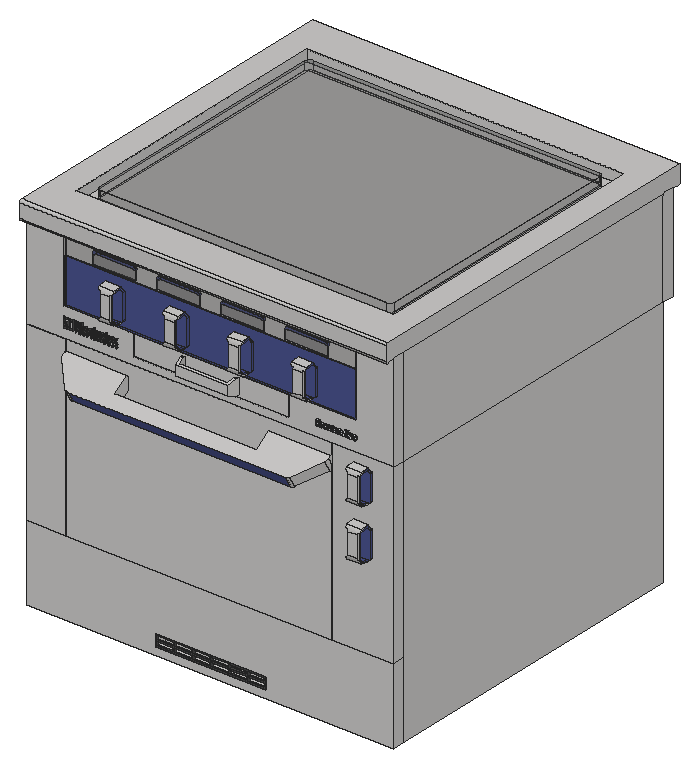
Revit family "QF_ELECTROLUXPROFESSIONAL_588420_MALMFAH8AO", category Attrezzature speciali, Revit 2020 (continued)
Definition of nested family "Front_Panel_W800_Four Knobs"
  Definition of nested family "ELX_Professional_Logo_Small"
    Forms (mm)
      Extrusion 2, solid, material <- "Material_Logo"
        sketch origin (15.5, 0, 0) x (1, 0, 0) y (0, 1, 0)
          loop
            spline (-26.936, -1.713) -> (-27.384, -1.691) -> (-27.805, -1.625) -> (-28.196, -1.518) -> (-28.556, -1.372) -> (-28.882, -1.187) -> (-29.174, -0.966) -> (-29.429, -0.71) -> (-29.645, -0.422) -> (-29.821, -0.102) -> (-29.955, 0.247) -> (-30.045, 0.623) -> (-30.089, 1.026)
            line (-30.089, 1.026) -> (-21.956, 1.026) -> (-21.915, 1.897)
          loop
            spline (-24.446, 2.769) -> (-24.47, 3.075) -> (-24.54, 3.37) -> (-24.654, 3.65) -> (-24.807, 3.913) -> (-24.996, 4.156) -> (-25.219, 4.376) -> (-25.472, 4.57) -> (-25.753, 4.736) -> (-26.057, 4.869) -> (-26.382, 4.968) -> (-26.724, 5.03) -> (-27.081, 5.051)
            spline (-27.081, 5.051) -> (-27.464, 5.03) -> (-27.832, 4.97) -> (-28.183, 4.872) -> (-28.513, 4.74) -> (-28.819, 4.577) -> (-29.099, 4.384) -> (-29.347, 4.165) -> (-29.563, 3.923) -> (-29.742, 3.659) -> (-29.881, 3.377) -> (-29.977, 3.079) -> (-30.027, 2.769)
            line (-30.027, 2.769) -> (-24.446, 2.769)
          loop
            spline (-18.167, 1.669) -> (-18.138, 2.13) -> (-18.055, 2.567) -> (-17.921, 2.978) -> (-17.739, 3.358) -> (-17.512, 3.705) -> (-17.243, 4.016) -> (-16.937, 4.287) -> (-16.596, 4.517) -> (-16.223, 4.7) -> (-15.823, 4.835) -> (-15.398, 4.919) -> (-14.951, 4.947)
            spline (-14.951, 4.947) -> (-14.677, 4.938) -> (-14.414, 4.913) -> (-14.162, 4.871) -> (-13.921, 4.812) -> (-13.69, 4.738) -> (-13.467, 4.649) -> (-13.254, 4.544) -> (-13.048, 4.424) -> (-12.85, 4.291) -> (-12.659, 4.143) -> (-12.474, 3.981) -> (-12.295, 3.806)
            line (-12.295, 3.806) -> (-10.76, 5.403)
            spline (-10.76, 5.403) -> (-11.065, 5.709) -> (-11.38, 5.984) -> (-11.703, 6.228) -> (-12.035, 6.443) -> (-12.375, 6.63) -> (-12.723, 6.788) -> (-13.078, 6.92) -> (-13.44, 7.026) -> (-13.809, 7.107) -> (-14.184, 7.164) -> (-14.564, 7.198) -> (-14.951, 7.209)
            spline (-14.951, 7.209) -> (-15.725, 7.161) -> (-16.467, 7.02) -> (-17.169, 6.792) -> (-17.826, 6.482) -> (-18.43, 6.096) -> (-18.976, 5.637) -> (-19.455, 5.112) -> (-19.862, 4.525) -> (-20.19, 3.882) -> (-20.433, 3.189) -> (-20.584, 2.449) -> (-20.635, 1.669)
            spline (-20.635, 1.669) -> (-20.584, 0.889) -> (-20.433, 0.149) -> (-20.19, -0.545) -> (-19.862, -1.187) -> (-19.455, -1.774) -> (-18.976, -2.299) -> (-18.43, -2.758) -> (-17.826, -3.145) -> (-17.169, -3.454) -> (-16.467, -3.682) -> (-15.725, -3.823) -> (-14.951, -3.871)
            spline (-14.951, -3.871) -> (-14.564, -3.86) -> (-14.184, -3.826) -> (-13.809, -3.77) -> (-13.44, -3.689) -> (-13.078, -3.583) -> (-12.723, -3.451) -> (-12.375, -3.292) -> (-12.035, -3.105) -> (-11.703, -2.89) -> (-11.38, -2.646) -> (-11.065, -2.371) -> (-10.76, -2.066)
            line (-10.76, -2.066) -> (-12.295, -0.468)
            spline (-12.295, -0.468) -> (-12.474, -0.643) -> (-12.659, -0.805) -> (-12.85, -0.953) -> (-13.048, -1.087) -> (-13.254, -1.206) -> (-13.467, -1.311) -> (-13.69, -1.4) -> (-13.921, -1.475) -> (-14.162, -1.533) -> (-14.414, -1.575) -> (-14.677, -1.6) -> (-14.951, -1.609)
            spline (-14.951, -1.609) -> (-15.398, -1.581) -> (-15.823, -1.497) -> (-16.223, -1.362) -> (-16.596, -1.179) -> (-16.937, -0.95) -> (-17.243, -0.678) -> (-17.512, -0.367) -> (-17.739, -0.02) -> (-17.921, 0.36) -> (-18.055, 0.771) -> (-18.138, 1.208) -> (-18.167, 1.669)
          loop
            spline (-4.441, -1.243) -> (-4.659, -1.247) -> (-4.894, -1.23) -> (-5.137, -1.19) -> (-5.384, -1.121) -> (-5.628, -1.021) -> (-5.864, -0.884) -> (-6.084, -0.708) -> (-6.283, -0.488) -> (-6.454, -0.219) -> (-6.592, 0.101) -> (-6.69, 0.478) -> (-6.742, 0.914)
            line (-6.742, 0.914) -> (-6.742, 4.587) -> (-4.487, 4.587) -> (-4.487, 6.838) -> (-6.738, 6.838) -> (-6.738, 10.824) -> (-9.217, 10.824) -> (-9.217, 0.773)
            spline (-9.217, 0.773) -> (-9.164, 0.19) -> (-9.068, -0.358) -> (-8.928, -0.87) -> (-8.742, -1.343) -> (-8.511, -1.777) -> (-8.232, -2.168) -> (-7.904, -2.515) -> (-7.527, -2.816) -> (-7.098, -3.069) -> (-6.618, -3.273) -> (-6.084, -3.426) -> (-5.496, -3.525)
            line (-5.496, -3.525) -> (-4.45, -3.573) -> (-4.441, -1.243)
          loop
            spline (3.898, 6.983) -> (3.469, 7.009) -> (3.056, 7.001) -> (2.661, 6.961) -> (2.283, 6.888) -> (1.925, 6.785) -> (1.588, 6.652) -> (1.272, 6.49) -> (0.979, 6.301) -> (0.71, 6.085) -> (0.465, 5.844) -> (0.247, 5.578) -> (0.056, 5.289)
            line (0.056, 5.289) -> (0.056, 6.838) -> (-2.402, 6.838) -> (-2.402, -3.572) -> (0.056, -3.572) -> (0.056, 1.901)
            spline (0.056, 1.901) -> (0.079, 2.316) -> (0.145, 2.703) -> (0.254, 3.06) -> (0.404, 3.386) -> (0.592, 3.679) -> (0.818, 3.938) -> (1.08, 4.162) -> (1.375, 4.348) -> (1.703, 4.495) -> (2.062, 4.602) -> (2.45, 4.668) -> (2.865, 4.69)
            line (2.865, 4.69) -> (3.898, 4.586) -> (3.898, 6.983)
          loop
            spline (15.638, 1.633) -> (15.586, 2.396) -> (15.435, 3.124) -> (15.192, 3.81) -> (14.863, 4.449) -> (14.455, 5.034) -> (13.975, 5.56) -> (13.43, 6.021) -> (12.826, 6.411) -> (12.17, 6.724) -> (11.469, 6.955) -> (10.729, 7.098) -> (9.958, 7.147)
            spline (9.958, 7.147) -> (9.182, 7.098) -> (8.44, 6.955) -> (7.737, 6.724) -> (7.081, 6.411) -> (6.477, 6.021) -> (5.933, 5.56) -> (5.454, 5.034) -> (5.048, 4.449) -> (4.721, 3.81) -> (4.479, 3.124) -> (4.329, 2.396) -> (4.277, 1.633)
            spline (4.277, 1.633) -> (4.329, 0.869) -> (4.479, 0.141) -> (4.721, -0.544) -> (5.048, -1.183) -> (5.454, -1.768) -> (5.933, -2.294) -> (6.477, -2.755) -> (7.081, -3.145) -> (7.737, -3.459) -> (8.44, -3.69) -> (9.182, -3.833) -> (9.958, -3.882)
            spline (9.958, -3.882) -> (10.729, -3.833) -> (11.469, -3.69) -> (12.17, -3.459) -> (12.826, -3.145) -> (13.43, -2.755) -> (13.975, -2.294) -> (14.455, -1.768) -> (14.863, -1.183) -> (15.192, -0.544) -> (15.435, 0.141) -> (15.586, 0.869) -> (15.638, 1.633)
          loop
            spline (13.18, 1.633) -> (13.151, 2.083) -> (13.067, 2.513) -> (12.932, 2.918) -> (12.748, 3.296) -> (12.52, 3.642) -> (12.251, 3.954) -> (11.943, 4.227) -> (11.601, 4.459) -> (11.228, 4.645) -> (10.828, 4.782) -> (10.403, 4.867) -> (9.958, 4.896)
            spline (9.958, 4.896) -> (9.509, 4.867) -> (9.081, 4.782) -> (8.679, 4.645) -> (8.306, 4.459) -> (7.964, 4.227) -> (7.658, 3.954) -> (7.39, 3.642) -> (7.163, 3.296) -> (6.981, 2.918) -> (6.847, 2.513) -> (6.765, 2.083) -> (6.736, 1.633)
            spline (6.736, 1.633) -> (6.765, 1.182) -> (6.847, 0.753) -> (6.981, 0.347) -> (7.163, -0.031) -> (7.39, -0.377) -> (7.658, -0.689) -> (7.964, -0.962) -> (8.306, -1.193) -> (8.679, -1.38) -> (9.081, -1.517) -> (9.509, -1.602) -> (9.958, -1.631)
            spline (9.958, -1.631) -> (10.403, -1.602) -> (10.828, -1.517) -> (11.228, -1.38) -> (11.601, -1.193) -> (11.943, -0.962) -> (12.251, -0.689) -> (12.52, -0.377) -> (12.748, -0.031) -> (12.932, 0.347) -> (13.067, 0.753) -> (13.151, 1.182) -> (13.18, 1.633)
          loop
            line (17.162, 4.269) -> (17.162, -3.573) -> (19.642, -3.573) -> (19.642, 10.824) -> (17.162, 10.824) -> (17.162, 4.269)
          loop
            line (28.581, 6.838) -> (28.581, 0.786)
            spline (28.581, 0.786) -> (28.561, 0.393) -> (28.503, 0.038) -> (28.409, -0.279) -> (28.281, -0.559) -> (28.122, -0.802) -> (27.933, -1.011) -> (27.717, -1.185) -> (27.476, -1.325) -> (27.213, -1.433) -> (26.929, -1.509) -> (26.626, -1.554) -> (26.308, -1.569)
            spline (26.308, -1.569) -> (25.99, -1.554) -> (25.688, -1.509) -> (25.404, -1.434) -> (25.141, -1.326) -> (24.9, -1.187) -> (24.684, -1.014) -> (24.496, -0.807) -> (24.336, -0.565) -> (24.209, -0.288) -> (24.115, 0.026) -> (24.057, 0.376) -> (24.037, 0.765)
            line (24.037, 0.765) -> (24.037, 6.838) -> (21.537, 6.838) -> (21.537, 0.558)
            spline (21.537, 0.558) -> (21.581, -0.153) -> (21.71, -0.8) -> (21.916, -1.384) -> (22.195, -1.904) -> (22.54, -2.362) -> (22.944, -2.757) -> (23.403, -3.09) -> (23.909, -3.362) -> (24.456, -3.572) -> (25.04, -3.722) -> (25.652, -3.811) -> (26.288, -3.841)
            spline (26.288, -3.841) -> (26.929, -3.811) -> (27.547, -3.72) -> (28.135, -3.568) -> (28.687, -3.355) -> (29.197, -3.079) -> (29.66, -2.741) -> (30.068, -2.341) -> (30.415, -1.877) -> (30.696, -1.349) -> (30.905, -0.757) -> (31.034, -0.101) -> (31.079, 0.621)
            line (31.079, 0.621) -> (31.079, 6.838) -> (28.581, 6.838)
          loop
            line (40.457, -0.243) -> (38.894, 1.942) -> (40.83, 4.579) -> (42.488, 6.837) -> (39.782, 6.837) -> (37.53, 3.719) -> (35.258, 6.837) -> (32.573, 6.837) -> (34.113, 4.731) -> (36.167, 1.922) -> (34.014, -1.076) -> (32.222, -3.573) -> (34.887, -3.573) -> (37.53, 0.104) -> (40.174, -3.573) -> (42.839, -3.573) -> (40.457, -0.243)
          loop
            line (-46.121, -5.837) -> (-48.039, -5.837) -> (-48.039, -10.814) -> (-47.016, -10.814) -> (-47.016, -9.128) -> (-46.121, -9.128)
            arc (-46.121, -9.128) -> (-44.476, -7.482) -> (-46.121, -5.837) r 1.645
          loop
            line (-46.163, -6.778) -> (-47.016, -6.778) -> (-47.016, -8.187) -> (-46.163, -8.187)
            arc (-46.163, -8.187) -> (-45.458, -7.482) -> (-46.163, -6.778) r 0.704
          loop
            line (-38.313, -5.837) -> (-40.265, -5.837) -> (-40.265, -10.814) -> (-39.241, -10.814) -> (-39.241, -9.1) -> (-38.46, -9.182) -> (-37.48, -10.814) -> (-36.318, -10.814) -> (-37.513, -8.848)
            arc (-37.513, -8.848) -> (-36.888, -8.266) -> (-36.671, -7.441) r 1.536
            arc (-36.671, -7.441) -> (-37.165, -6.305) -> (-38.313, -5.837) r 1.643
          loop
            arc (-38.402, -8.166) -> (-37.707, -7.505) -> (-38.334, -6.778) r 0.696
            line (-38.334, -6.778) -> (-39.241, -6.778) -> (-39.241, -8.166) -> (-38.402, -8.166)
          loop
            circle (-29.965, -8.325) r 2.585
          loop
            circle (-29.965, -8.325) r 1.64
          loop
            line (-23.1, -5.837) -> (-23.1, -10.814) -> (-22.076, -10.814) -> (-22.076, -8.768) -> (-20.204, -8.768) -> (-20.204, -7.828) -> (-22.076, -7.828) -> (-22.076, -6.778) -> (-20.024, -6.778) -> (-20.024, -5.837) -> (-23.1, -5.837)
          loop
            line (-15.802, -5.837) -> (-15.802, -9.2)
            arc (-15.802, -9.2) -> (-15.343, -10.34) -> (-14.209, -10.814) r 1.593
            line (-14.209, -10.814) -> (-12.602, -10.814) -> (-12.602, -10.027) -> (-14.004, -10.027)
            arc (-14.004, -10.027) -> (-14.552, -9.8) -> (-14.779, -9.252) r 0.775
            line (-14.779, -9.252) -> (-14.779, -8.424) -> (-12.789, -8.424) -> (-12.789, -7.642) -> (-14.779, -7.642) -> (-14.779, -6.778) -> (-12.651, -6.778) -> (-12.651, -5.837) -> (-15.802, -5.837)
          loop
            line (-5.909, -7.143) -> (-5.173, -6.638)
            arc (-5.173, -6.638) -> (-5.855, -5.974) -> (-6.781, -5.755) r 1.782
            arc (-6.781, -5.755) -> (-7.397, -5.878) -> (-7.944, -6.189) r 1.974
            arc (-7.944, -6.189) -> (-8.202, -6.5) -> (-8.317, -6.888) r 1.013
            arc (-8.317, -6.888) -> (-8.306, -7.341) -> (-8.192, -7.78) r 1.985
            arc (-8.192, -7.78) -> (-7.749, -8.259) -> (-7.171, -8.563) r 1.928
            arc (-7.171, -8.563) -> (-6.637, -8.779) -> (-6.131, -9.056) r 5.041
            arc (-6.131, -9.056) -> (-5.934, -9.387) -> (-6.09, -9.74) r 0.42
            arc (-6.09, -9.74) -> (-6.631, -9.96) -> (-7.204, -9.845) r 1.016
            arc (-7.204, -9.845) -> (-7.625, -9.603) -> (-7.889, -9.196) r 1.033
            line (-7.889, -9.196) -> (-8.67, -9.686)
            arc (-8.67, -9.686) -> (-8.361, -10.198) -> (-7.908, -10.589) r 1.914
            arc (-7.908, -10.589) -> (-7.334, -10.834) -> (-6.714, -10.896) r 2.063
            arc (-6.714, -10.896) -> (-5.947, -10.743) -> (-5.256, -10.376) r 2.696
            arc (-5.256, -10.376) -> (-4.95, -9.565) -> (-5.108, -8.712) r 1.618
            arc (-5.108, -8.712) -> (-5.448, -8.319) -> (-5.884, -8.035) r 1.876
            arc (-5.884, -8.035) -> (-6.434, -7.789) -> (-6.999, -7.577) r 9.883
            arc (-6.999, -7.577) -> (-7.325, -7.07) -> (-6.854, -6.694) r 0.45
            arc (-6.854, -6.694) -> (-6.329, -6.809) -> (-5.909, -7.143) r 1.197
          loop
            line (1.61, -7.143) -> (2.345, -6.638)
            arc (2.345, -6.638) -> (1.663, -5.974) -> (0.737, -5.755) r 1.782
            arc (0.737, -5.755) -> (0.121, -5.878) -> (-0.425, -6.189) r 1.974
            arc (-0.425, -6.189) -> (-0.683, -6.5) -> (-0.799, -6.888) r 1.013
            arc (-0.799, -6.888) -> (-0.788, -7.341) -> (-0.674, -7.78) r 1.985
            arc (-0.674, -7.78) -> (-0.231, -8.259) -> (0.347, -8.563) r 1.928
            arc (0.347, -8.563) -> (0.881, -8.779) -> (1.387, -9.056) r 5.041
            arc (1.387, -9.056) -> (1.584, -9.387) -> (1.428, -9.74) r 0.42
            arc (1.428, -9.74) -> (0.887, -9.96) -> (0.314, -9.845) r 1.016
            arc (0.314, -9.845) -> (-0.107, -9.603) -> (-0.371, -9.196) r 1.033
            line (-0.371, -9.196) -> (-1.152, -9.686)
            arc (-1.152, -9.686) -> (-0.842, -10.198) -> (-0.39, -10.589) r 1.914
            arc (-0.39, -10.589) -> (0.184, -10.834) -> (0.804, -10.896) r 2.063
            arc (0.804, -10.896) -> (1.572, -10.743) -> (2.263, -10.376) r 2.696
            arc (2.263, -10.376) -> (2.568, -9.565) -> (2.411, -8.712) r 1.618
            arc (2.411, -8.712) -> (2.07, -8.319) -> (1.635, -8.035) r 1.876
            arc (1.635, -8.035) -> (1.084, -7.789) -> (0.519, -7.577) r 9.883
            arc (0.519, -7.577) -> (0.193, -7.07) -> (0.665, -6.694) r 0.45
            arc (0.665, -6.694) -> (1.189, -6.809) -> (1.61, -7.143) r 1.197
          loop
            line (6.801, -5.837) -> (6.801, -10.814) -> (7.825, -10.814) -> (7.825, -5.837) -> (6.801, -5.837)
          loop
            circle (14.724, -8.325) r 1.548
          loop
            circle (14.724, -8.325) r 2.585
          loop
            line (21.59, -10.814) -> (22.623, -10.814) -> (22.623, -7.685) -> (24.9, -10.814) -> (25.895, -10.814) -> (25.895, -5.837) -> (24.861, -5.837) -> (24.861, -9.061) -> (22.585, -5.837) -> (21.59, -5.837) -> (21.59, -10.814)
          loop
            line (31.054, -10.814) -> (31.539, -9.74) -> (33.38, -9.74) -> (33.865, -10.814) -> (34.965, -10.814) -> (32.46, -5.837) -> (29.956, -10.814) -> (31.054, -10.814)
          loop
            line (32.46, -7.698) -> (31.999, -8.719) -> (32.921, -8.719) -> (32.46, -7.698)
          loop
            line (40.047, -9.873) -> (40.047, -5.837) -> (39.024, -5.837) -> (39.024, -10.814) -> (41.961, -10.814) -> (41.961, -9.873) -> (40.047, -9.873)
          loop
            line (-74.986, -10.814) -> (-53.322, -10.814) -> (-53.322, 10.82) -> (-74.986, 10.82) -> (-74.986, -10.814)
          loop
            line (-61.261, 9.758) -> (-61.261, -9.707)
            arc (-61.261, -9.707) -> (-54.066, 0.025) -> (-61.261, 9.758) r 10.18
          loop
            line (-62.251, 8.349) -> (-62.251, 9.758)
            arc (-62.251, 9.758) -> (-70.347, 7.918) -> (-74.247, 0.59) r 9.976
            line (-74.247, 0.59) -> (-71.026, 0.59)
            arc (-71.026, 0.59) -> (-65.274, 2.925) -> (-62.251, 8.349) r 9.351
          loop
            arc (-74.247, -0.539) -> (-70.353, -7.928) -> (-62.251, -9.957) r 10.237
            line (-62.251, -9.957) -> (-62.251, -8.298)
            arc (-62.251, -8.298) -> (-65.274, -2.874) -> (-71.026, -0.539) r 9.351
            line (-71.026, -0.539) -> (-74.247, -0.539)
        from 0 to 1.644
    Dimensions and locks
      aligned and locked: plane 2 to Extrusion 1
      aligned and locked: level to Extrusion 1
